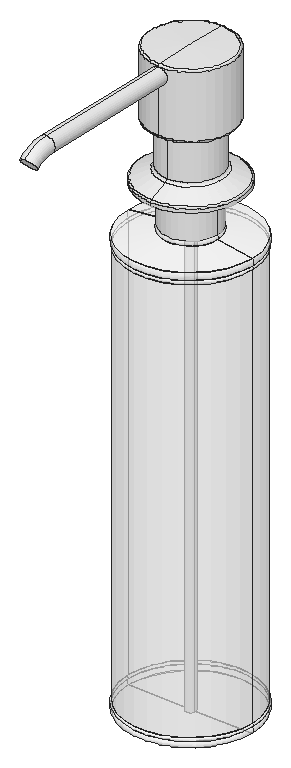
Revit family "Spec Equip_Soap Dispenser_Argent_Built-in", category Specialty Equipment, Revit 2016
Family settings
  Part Type = Normal
  Round Connector Dimension = Use Diameter
  OmniClass Number = 23.40.20.21.34
  OmniClass Title = Soap Holders, Dispensers
  Work Plane-Based = No
  Always vertical = Yes
  Cut with Voids When Loaded = Yes
  Shared = No
  Room Calculation Point = No
Parameters (values of type "Chrome (67791)")
  Uniclass2015Version = "Products v1.17"
  Uniclass2015Title = "Soap dishes"
  Uniclass2015Code = "Pr_40_20_76_82"
  URL = "https://www.argentaust.com.au/"
  Type Comments = "Chrome Finish"
  ModifiedIssue_ANZRS = 20200402
  Model = "67791"
  Manufacturer_URL__Product Specific = "https://www.argentaust.com.au/argent-accessories-liquid-soap-dispensers-fresh-soap-dispenser?item=8903"
  Manufacturer_Spec Code = Model  # "67791"
  Manufacturer_Overall Width = 44 mm  # constant formula
  Manufacturer_Overall Height = 265 mm  # constant formula
  Manufacturer_Overall Depth = 118.12 mm  # constant formula
  Manufacturer_Height From FFL [instance] = 900 mm
  Manufacturer = "Argent"  # constant formula
  Keynote = ""
  IfcExportType = "NOT DEFINED"
  IfcExportAs = "IfcSanitaryTerminal"
  Description = "Liquid Soap Dispenser designed for built-in application"
  CreatedBy_ANZRS = "IGS BIM Solutions"  # constant formula
  CreatedByURL_ANZRS = "https://igsgroup.com.au"
  Cost = 0
  Bottle Material = z_Argent_Clear Plastic
  Body Material = z_Argent_Chrome
  Assembly Code = ""
Reference planes
  plane 1 "Ref. Level": z = 0
  plane 2 "Center (Left/Right)": x = -4.48
  plane 3 "Left": x = -26.48
  plane 4 "Right": x = 17.52
  plane 5 "Back": y = -358
  plane 6 "Bottom": z = 690
  plane 7 "Front": y = -470
  plane 8 "Top": z = 955
  plane 9 "Centre of Spout": y = -380
  plane 10 "Soap Dispenser_Bottom": z = 900
  plane 11 "Back of Base": y = -351.89
Forms (mm)
  Revolve 1, solid, material "z_Argent_Chrome" <- "Body Material"
    sketch origin (-4.48, 0, 0) x (0, 1, 0) y (0, 0, 1)
      loop
        arc (-362, 953.683) -> (-362.198, 954.191) -> (-362.687, 954.431) r 0.75
        arc (-362.687, 954.431) -> (-371.336, 954.936) -> (-380, 955) r 169.928
        line (-380, 955) -> (-380, 900) -> (-358, 900) -> (-358, 901.422)
        arc (-358, 901.422) -> (-358.117, 901.825) -> (-358.433, 902.102) r 0.75
        line (-358.433, 902.102) -> (-366.134, 905.693)
        arc (-366.134, 905.693) -> (-366.765, 906.247) -> (-367, 907.053) r 1.5
        line (-367, 907.053) -> (-367, 924.625)
        arc (-367, 924.625) -> (-366.707, 925.332) -> (-366, 925.625) r 1
        line (-366, 925.625) -> (-362.5, 925.625)
        arc (-362.5, 925.625) -> (-362.146, 925.771) -> (-362, 926.125) r 0.5
        line (-362, 926.125) -> (-362, 953.683)
      axis (-380, 900) -> (-380, 955)
    angle from 0 to 360
  Sweep 2, solid, material "z_Argent_Chrome" <- "Body Material"
    path origin (-4.48, 0, 0) x (0, 1, 0) y (0, 0, 1)
      loop
        line (-380, 950) -> (-460, 950)
        arc (-460, 950) -> (-465.321, 949.062) -> (-470, 946.36) r 15.557
    profile origin (-4.48, -420, 950) x (0, 0, -1) y (1, 0, 0)
      loop
        circle (0, 0) r 3.5
  Revolve 3, void
    sketch origin (-4.48, 0, 0) x (0, 1, 0) y (0, 0, 1)
      loop
        line (-380, 900) -> (-380, 690) -> (-350.75, 690) -> (-350.75, 880) -> (-368.088, 883.141) -> (-368.088, 900) -> (-380, 900)
      axis (-380, 690) -> (-380, 900)
    angle from 0 to 360
  Revolve 4, solid, material "z_Argent_Clear Plastic" <- "Bottle Material"
    sketch origin (0, -380, 0) x (-1, 0, 0) y (0, 0, 1)
      loop
        line (4.48, 883.139) -> (-7.557, 883.139)
        arc (-7.557, 883.139) -> (-7.903, 882.081) -> (-7.537, 881.029) r 1.742
        arc (-7.537, 881.029) -> (-15.439, 880.431) -> (-23.271, 879.222) r 102.342
        arc (-23.271, 879.222) -> (-23.632, 877.534) -> (-23.02, 875.919) r 3.057
        arc (-23.02, 875.919) -> (-23.399, 875.169) -> (-23.02, 874.419) r 0.931
        line (-23.02, 874.419) -> (-23.02, 694)
        arc (-23.02, 694) -> (-23.55, 693.311) -> (-23.02, 692.621) r 0.713
        arc (-23.02, 692.621) -> (-23.532, 691.311) -> (-23.02, 690) r 1.932
        line (-23.02, 690) -> (4.48, 690) -> (4.48, 883.139)
      axis (4.48, 883.139) -> (4.48, 690)
    angle from 0 to 360
  Revolve 5, solid, material "z_Argent_Chrome" <- "Body Material"
    sketch origin (0, -380, 0) x (-1, 0, 0) y (0, 0, 1)
      loop
        line (-7.52, 900) -> (-7.52, 883.141) -> (2.48, 883.141) -> (2.48, 690) -> (4.48, 690) -> (4.48, 900) -> (-7.52, 900)
      axis (4.48, 690) -> (4.48, 900)
    angle from 0 to 360
Cuts and joins
  Revolve 3 cuts Revolve 1
  Revolve 3 cuts Sweep 2
  joined: Revolve 1, Sweep 2
Lines and regions (mm)
  Masking region 1
    outline origin (0, 0, 955) x (0, 1, 0) y (-1, 0, 0)
      loop
        line (-470, 0.98) -> (-407.054, 0.98)
        arc (-407.054, 0.98) -> (-377.829, -23.158) -> (-351.89, 4.48) r 27.693
        arc (-351.89, 4.48) -> (-377.829, 32.118) -> (-407.054, 7.98) r 27.693
        line (-407.054, 7.98) -> (-470, 7.98)
        spline (-470, 7.98) -> (-470.294, 7.95) -> (-470.582, 7.861) -> (-470.861, 7.714) -> (-471.125, 7.511) -> (-471.37, 7.257) -> (-471.591, 6.955) -> (-471.785, 6.611) -> (-471.948, 6.23) -> (-472.079, 5.819) -> (-472.173, 5.386) -> (-472.231, 4.937) -> (-472.25, 4.48)
        spline (-472.25, 4.48) -> (-472.231, 4.023) -> (-472.173, 3.574) -> (-472.079, 3.141) -> (-471.948, 2.73) -> (-471.785, 2.349) -> (-471.591, 2.005) -> (-471.37, 1.703) -> (-471.125, 1.449) -> (-470.861, 1.246) -> (-470.582, 1.099) -> (-470.294, 1.01) -> (-470, 0.98)
  symbolic lines, style "Bathroom Fixtures", detail levels medium+fine
    curve 1: line (-7.98, -397.656, 955) -> (-7.98, -407.054, 955)
    curve 2: line (-0.98, -397.656, 955) -> (-0.98, -407.054, 955)
    curve 3: circle (-4.48, -380, 955) r 18 normal (0, 0, -1)
Text (mm)
  text "Disclaimer:\n\nDue to ongoing product development and manufacturing evolution, product details are subject to change without notice. Please refer to product technical data sheets on the manufacturer’s website for the most current product information. Please allow a +/- 5mm manufacturing tolerance for dimensions and set-outs shown in product literature." at (107.133, -329.245, 0), in view "Ref. Level_Instruction"
Dimensions and locks
  "Manufacturer_Overall Height": plane 8 "Top" to plane 6 "Bottom"
  equal spacing: plane 3 "Left", plane 2 "Center (Left/Right)", plane 4 "Right"
  "Manufacturer_Overall Width": plane 3 "Left" to plane 4 "Right"
  "Manufacturer_Height From FFL": plane 10 "Soap Dispenser_Bottom" to plane 1 "Ref. Level"
  locked: plane 5 "Back" to plane 9 "Centre of Spout" at 22
  locked: plane 8 "Top" to plane 10 "Soap Dispenser_Bottom" at 55
  "Manufacturer_Overall Depth": plane 11 "Back of Base" to plane 7 "Front"
  aligned and locked: plane 5 "Back" to Revolve 1 sketch curve
  aligned and locked: plane 10 "Soap Dispenser_Bottom" to Revolve 1 sketch curve
  aligned and locked: plane 9 "Centre of Spout" to Revolve 1 sketch curve
  aligned and locked: Revolve 1 sketch curve to plane 9 "Centre of Spout"
  aligned and locked: Revolve 3 sketch curve to plane 9 "Centre of Spout"  (x2)
  aligned and locked: plane 6 "Bottom" to Revolve 3 sketch curve
  aligned and locked: Revolve 3 sketch curve to plane 10 "Soap Dispenser_Bottom"
Automatic sketch dimensions
  Sweep 2 sketch curve to plane 2 "Center (Left/Right)" = 0 mm
  Sweep 2 sketch curve to profile plane = 0 mm
  Sweep 2 sketch curve to plane 7 "Front" = 0 mm
  Sweep 2 sketch curve to plane 9 "Centre of Spout" = 0 mm
  Sweep 2 sketch curve to plane 7 "Front" = 10 mm
  plane 8 "Top" to Sweep 2 sketch curve = 20.557 mm
  plane 8 "Top" to Sweep 2 sketch curve = 5 mm
  plane 8 "Top" to Revolve 1 sketch curve = 0 mm
  plane 9 "Centre of Spout" to Revolve 1 sketch curve = 3.078 mm
  Revolve 1 sketch curve to plane 5 "Back" = 9 mm
  Revolve 1 sketch curve to plane 10 "Soap Dispenser_Bottom" = 5.693 mm
  Revolve 1 sketch curve to Revolve 1 sketch curve = 0.866 mm
  Revolve 1 sketch curve to Revolve 1 sketch curve = 1 mm
  Revolve 1 sketch curve to Revolve 1 sketch curve = 1.5 mm
  plane 8 "Top" to Revolve 1 sketch curve = 1.317 mm
  Revolve 1 sketch curve to plane 5 "Back" = 4.75 mm
  Revolve 1 sketch curve to Revolve 1 sketch curve = 3.5 mm
  Revolve 1 sketch curve to Revolve 1 sketch curve = 0.5 mm
  Revolve 1 sketch curve to Revolve 1 sketch curve = 0.75 mm
  Revolve 1 sketch curve to plane 5 "Back" = 0.433 mm
  Revolve 1 sketch curve to plane 10 "Soap Dispenser_Bottom" = 1.422 mm
  Revolve 1 sketch curve to Revolve 1 sketch curve = 17.572 mm
  Revolve 1 sketch curve to plane 10 "Soap Dispenser_Bottom" = 15 mm
  Revolve 1 sketch curve to Revolve 1 sketch curve = 12.372 mm
  Revolve 1 sketch curve to plane 6 "Bottom" = 95.1 mm
  Revolve 5 sketch curve to plane 10 "Soap Dispenser_Bottom" = 0 mm  (x2)
  Revolve 5 sketch curve to plane 6 "Bottom" = 0 mm
  Revolve 5 sketch curve to plane 2 "Center (Left/Right)" = 0 mm  (x2)
  Revolve 5 sketch curve to Revolve 5 sketch curve = 2 mm
  Revolve 5 sketch curve to plane 4 "Right" = 10 mm
  plane 10 "Soap Dispenser_Bottom" to Revolve 5 sketch curve = 16.859 mm
  Revolve 5 sketch curve to Revolve 5 sketch curve = 0 mm
  Revolve 4 sketch curve to plane 6 "Bottom" = 0 mm  (x2)
  Revolve 4 sketch curve to plane 2 "Center (Left/Right)" = 0 mm  (x2)
  Revolve 4 sketch curve to plane 10 "Soap Dispenser_Bottom" = 0 mm
  plane 2 "Center (Left/Right)" to Revolve 4 sketch curve = 8.246 mm
  plane 2 "Center (Left/Right)" to Revolve 4 sketch curve = 10.64 mm
  Revolve 4 sketch curve to Revolve 4 sketch curve = 1.397 mm
  plane 4 "Right" to Revolve 4 sketch curve = 3.064 mm
  Revolve 4 sketch curve to plane 6 "Bottom" = 1.311 mm
  plane 4 "Right" to Revolve 4 sketch curve = 4.08 mm
  Revolve 4 sketch curve to Revolve 4 sketch curve = 1.884 mm
  Revolve 4 sketch curve to Revolve 4 sketch curve = 1.236 mm
  Revolve 4 sketch curve to Revolve 4 sketch curve = 0.552 mm  (x2)
  Revolve 4 sketch curve to Revolve 4 sketch curve = 1.42 mm
  Revolve 4 sketch curve to Revolve 4 sketch curve = 2 mm
  Revolve 4 sketch curve to Revolve 4 sketch curve = 85.445 mm
  plane 10 "Soap Dispenser_Bottom" to Revolve 4 sketch curve = 25.581 mm
  Revolve 4 sketch curve to Revolve 4 sketch curve = 0.75 mm
  Revolve 4 sketch curve to Revolve 4 sketch curve = 2.597 mm
  Revolve 4 sketch curve to Revolve 4 sketch curve = 4.332 mm
  Revolve 4 sketch curve to Revolve 4 sketch curve = 1.042 mm
  Revolve 4 sketch curve to Revolve 4 sketch curve = 1.376 mm
  Revolve 4 sketch curve to Revolve 4 sketch curve = 0.183 mm
  Revolve 3 sketch curve to plane 5 "Back" = 10.088 mm
  plane 5 "Back" to Revolve 3 sketch curve = 7.25 mm
  plane 10 "Soap Dispenser_Bottom" to Revolve 3 sketch curve = 20 mm
  plane 10 "Soap Dispenser_Bottom" to Revolve 3 sketch curve = 16.859 mm
  Revolve 3 sketch curve to plane 6 "Bottom" = 60 mm
  Revolve 3 sketch curve to Revolve 3 sketch curve = 40 mm
  Masking region 1 sketch curve to Masking region 1 sketch curve = 0 mm  (x3)
  plane 7 "Front" to Masking region 1 sketch curve = 0 mm  (x2)
  Masking region 1 sketch curve to plane 2 "Center (Left/Right)" = 0 mm
  Masking region 1 sketch curve to plane 11 "Back of Base" = 0 mm
  Masking region 1 sketch curve to plane 2 "Center (Left/Right)" = 3.5 mm
  Masking region 1 sketch curve to plane 9 "Centre of Spout" = 27.054 mm
  Masking region 1 sketch curve to Masking region 1 sketch curve = 2.25 mm
  curve 3 to plane 2 "Center (Left/Right)" = 0 mm
  curve 3 to plane 9 "Centre of Spout" = 0 mm
  curve 1 to plane 2 "Center (Left/Right)" = 3.5 mm
  curve 1 to plane 9 "Centre of Spout" = 17.656 mm
  plane 2 "Center (Left/Right)" to curve 2 = 3.5 mm
  curve 2 to curve 2 = 9.398 mm
  curve 1 to curve 2 = 0 mm
  radius of Sweep 2 sketch curve = 3.5 mm
